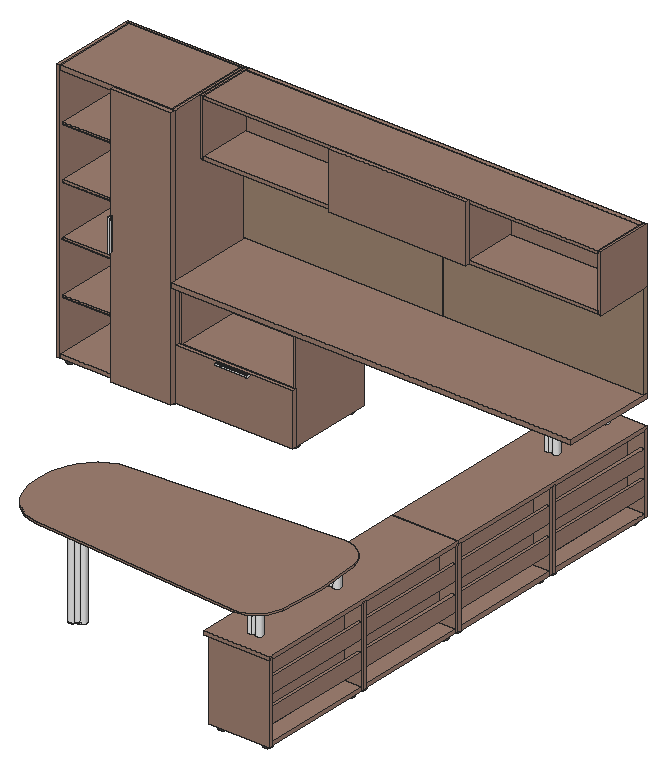
Revit family "T100087", category Furniture, Revit 2022
Family settings
  OmniClass Number = 23.40.20.00
  OmniClass Title = General Furniture and Specialties
  Work Plane-Based = No
  Always vertical = Yes
  Cut with Voids When Loaded = No
  Render Appearance Source = Family Geometry
  Shared = No
  Room Calculation Point = No
Parameters (values of type "APTOS007")
  Worksurface Height [instance] = 27"
  URL = "http://ofsbrands.com"
  Model = "APTOS007"
  Manufacturer = "OFS"
  Description = "OFS BRANDS OFS APTOS TYPICAL APTOS007"
  Default Elevation = 0"
  Copyright © = "© OFS BRANDS 2017"
  Catalog = "APTOS http://ofsbrands.com/products/casegoods/private-office/aptos"
  Authoring Version = "Autodesk Revit Architecture 2013"
  Assembly Code = "E2020200"
Reference planes (in)
  plane 1 "Center (Front/Back)": y = 0
  plane 2: z = 0
  plane 3 "Center (Left/Right)": x = 0
Dimensions and locks (in)
  aligned and locked: level to plane 2
Nested families (in)
  nested 1: "APTOS WALLMOUNT ORGANIZER WITH CENTERED LIFT-UP WOOD DOORS" at (11.58446, 0, 0), type "APTOS WALLMOUNT ORGANIZER WITH CENTERED LIFT-UP WOOD DOORS 102" Width"
  nested 2: "APTOS TWO PIECE TACKBOARD (Between Worksurface Height and Wallmount)" at (11.58446, 0, 0), type "APTOS TWO PIECE TACKBOARD 102" Between Worksurface Height and Wallmount"
  nested 3: "APTOS ELEVATED RUNOFF WORKSURFACE WEDGE SOLID SURFACE - WOOD TOP" at (25.52906, -125.99998, 0) x (-1, 0, 0) z (0, 0, 1), type "APTOS ELEVATED RUNOFF WORKSURFACE WEDGE SOLID SURFACE 72" x 36" - WOOD TOP"
    with Width 72", 34-7236WTEC yes, 34-6636WTEC no
  nested 4: "APTOS TRIFOIL COLUMN" at (-0.47094, -96.99998, 0), type "APTOS TRIFOIL COLUMN"
  nested 5: "APTOS LOW HEIGHT MODULAR CABINET TOP" at (62.58446, -30, 0) x (0, -1, 0) z (0, 0, 1), type "APTOS LOW HEIGHT MODULAR CABINET TOP 60""
    with Bottom Board Offset 21 1/4", Width 60"
  nested 6: "APTOS LOW HEIGHT MODULAR CABINET TOP" at (62.58446, -90, 0) x (0, -1, 0) z (0, 0, 1), type "APTOS LOW HEIGHT MODULAR CABINET TOP 60""
    with Bottom Board Offset 21 1/4", Width 60"
  nested 7: "APTOS LOW HEIGHT MODULAR PEDESTAL OPEN 18IN Depth" at (62.58446, -15, 0) x (0, -1, 0) z (0, 0, 1), type "APTOS LOW HEIGHT MODULAR PEDESTAL OPEN 30""
    with Width 30"
  nested 8: "APTOS LOW HEIGHT MODULAR PEDESTAL OPEN 18IN Depth" at (62.58446, -45, 0) x (0, -1, 0) z (0, 0, 1), type "APTOS LOW HEIGHT MODULAR PEDESTAL OPEN 30""
    with Width 30"
  nested 9: "APTOS LOW HEIGHT MODULAR PEDESTAL OPEN 18IN Depth" at (62.58446, -75, 0) x (0, -1, 0) z (0, 0, 1), type "APTOS LOW HEIGHT MODULAR PEDESTAL OPEN 30""
    with Width 30"
  nested 10: "APTOS LOW HEIGHT MODULAR PEDESTAL OPEN 18IN Depth" at (62.58446, -105, 0) x (0, -1, 0) z (0, 0, 1), type "APTOS LOW HEIGHT MODULAR PEDESTAL OPEN 30""
    with Width 30"
  nested 11: "APTOS MODULAR CABINET TOP" at (11.58446, 12, 0), type "APTOS MODULAR CABINET TOP 102" x 24""
    with Width 102"
  nested 12: "APTOS WORKSURFACE HEIGHT MODULAR PEDESTAL OPEN-FILE 30-36IN" at (-24.41554, 0, 0), type "APTOS WORKSURFACE HEIGHT MODULAR PEDESTAL OPEN-FILE 30W x 24D"
  nested 13: "APTOS TALL OPEN STORAGE WITH HINGED DOOR 24IN DEPTH" at (-54.41554, 0, 0), type "APTOS TALL OPEN STORAGE WITH HINGED DOOR 30" Wide 24" Planning Depth Single Hinged Door Right"
    with Width 30"
  nested 14: "APTOS DUFOIL STANDOFFS" at (51.84454, -89.625, 22.25) x (0, 1, 0) z (0, 0, 1), type "APTOS DUFOIL STANDOFFS"
  nested 15: "APTOS DUFOIL STANDOFFS" at (51.84454, -114.37496, 22.25) x (0, -1, 0) z (0, 0, 1), type "APTOS DUFOIL STANDOFFS"
  nested 16: "APTOS DUFOIL STANDOFFS" at (51.84454, -4.125, 22.25) x (0, 1, 0) z (0, 0, 1), type "APTOS DUFOIL STANDOFFS"
  nested 17: "APTOS DUFOIL STANDOFFS" at (51.84454, -19.875, 22.25) x (0, -1, 0) z (0, 0, 1), type "APTOS DUFOIL STANDOFFS"
Definition of nested family "APTOS WALLMOUNT ORGANIZER WITH CENTERED LIFT-UP WOOD DOORS"
  Parameters (values of type "APTOS WALLMOUNT ORGANIZER WITH CENTERED LIFT-UP WOOD DOORS 102" Width")
    Width = 102"
    URL = "http://ofsbrands.com"
    Total Height [instance] = 68 1/4"
    Middle Section Width = 34"
    Door Inset = 1"
    Door Gap = 1/8"
    Default Elevation = 0"
    Board Thick Door = 1"
    Depth = 15 5/8"
    Board Material = none
    Model = "34-10215WS1"
    Manufacturer = "OFS"
    Board Thick Internal = 3/4"
    Height = 14 1/2"
    Description = "OFS BRANDS OFS APTOS WALLMOUNT ORGANIZER WITH CENTERED LIFT-UP WOOD DOORS 102\" Width, One Lift-Up Door in Center Section, Open Sections on Both Sides"
    Copyright © = "© OFS BRANDS 2017"
    Catalog = "APTOS http://ofsbrands.com/products/casegoods/private-office/aptos"
    Bottom Board Offset = 53 3/4"
    Board Thick Top and Bot = 3/4"
    Board Thick Sides = 3/4"
    Board Thick Front = 3/4"
    Board Thick Back = 1 1/8"
    Authoring Version = "Autodesk Revit Architecture 2013"
    Assembly Code = "E2020200"
  Types (6): name | Width | Middle Section Width | Model | Description
    (no name) | 102" | 34" | "34-10215WS1" | "OFS BRANDS OFS APTOS WALLMOUNT ORGANIZER WITH CENTERED LIFT-UP WOOD DOORS 102\" Width, One Lift-Up Door in Center Section, Open Sections on Both Sides"
    APTOS WALLMOUNT ORGANIZER WITH CENTERED LIFT-UP WOOD DOORS 84" Width | 84" | 28" | "34-8415WS1" | "OFS BRANDS OFS APTOS WALLMOUNT ORGANIZER WITH CENTERED LIFT-UP WOOD DOORS 84\" Width, One Lift-Up Door in Center Section, Open Sections on Both Sides"
    APTOS WALLMOUNT ORGANIZER WITH CENTERED LIFT-UP WOOD DOORS 90" Width | 90" | 30" | "34-9015WS1" | "OFS BRANDS OFS APTOS WALLMOUNT ORGANIZER WITH CENTERED LIFT-UP WOOD DOORS 90\" Width, One Lift-Up Door in Center Section, Open Sections on Both Sides"
    APTOS WALLMOUNT ORGANIZER WITH CENTERED LIFT-UP WOOD DOORS 96" Width | 96" | 32" | "34-9615WS1" | "OFS BRANDS OFS APTOS WALLMOUNT ORGANIZER WITH CENTERED LIFT-UP WOOD DOORS 96\" Width, One Lift-Up Door in Center Section, Open Sections on Both Sides"
    APTOS WALLMOUNT ORGANIZER WITH CENTERED LIFT-UP WOOD DOORS 102" Width | 102" | 34" | "34-10215WS1" | "OFS BRANDS OFS APTOS WALLMOUNT ORGANIZER WITH CENTERED LIFT-UP WOOD DOORS 102\" Width, One Lift-Up Door in Center Section, Open Sections on Both Sides"
    APTOS WALLMOUNT ORGANIZER WITH CENTERED LIFT-UP WOOD DOORS 108" Width | 108" | 36" | "34-10815WS1" | "OFS BRANDS OFS APTOS WALLMOUNT ORGANIZER WITH CENTERED LIFT-UP WOOD DOORS 108\" Width, One Lift-Up Door in Center Section, Open Sections on Both Sides"
  Reference planes (in)
    plane 1 "Center Front/Back": y = 0
    plane 2: z = 0
    plane 3 "Center Left/Right": x = 0
    plane 4 "Left End": x = -51
    plane 5 "Front End": y = -14.625
    plane 6 "Right End": x = 51
    plane 7 "Back End": y = 0
    plane 8 "Height Top": z = 68.25
    plane 9: x = -50.25
    plane 10: x = 50.25
    plane 11: z = 67.5
    plane 12: z = 53.75
    plane 13: z = 54.5
    plane 14: y = -15.625
    plane 15: y = -1.125
    plane 16: y = -15.625
    plane 17: x = 47.75
    plane 18: x = -47.75
    plane 19: z = 61
    plane 20: x = 17
    plane 21: x = 16.625
    plane 22: x = 17.375
    plane 23: x = -17
    plane 24: x = -16.625
    plane 25: x = -17.375
    plane 26: x = -0.0625
    plane 27: x = 0.0625
  Forms (in)
    Extrusion 1, solid, material <- "Board Material"
      sketch origin (0, 0, 0) x (1, 0, 0) y (0, 1, 0)
        loop
          line (-51, 0) -> (-51, -14.625) -> (-50.25, -14.625) -> (-50.25, 0) -> (-51, 0)
      from 53.75 to 68.25
    Extrusion 2, solid, material <- "Board Material"
      sketch origin (0, 0, 0) x (-1, 0, 0) y (0, -1, 0)
        loop
          line (-51, 0) -> (-50.25, 0) -> (-50.25, 14.625) -> (-51, 14.625) -> (-51, 0)
      from 53.75 to 68.25
    Extrusion 3, solid, material <- "Board Material"
      sketch origin (0, 0, 0) x (1, 0, 0) y (0, 1, 0)
        loop
          line (-50.25, -1.125) -> (-50.25, -14.625) -> (50.25, -14.625) -> (50.25, -1.125) -> (-50.25, -1.125)
      from 53.75 to 54.5
    Extrusion 4, solid, material <- "Board Material"
      sketch origin (0, 0, 0) x (1, 0, 0) y (0, 1, 0)
        loop
          line (-50.25, -1.125) -> (-50.25, -14.625) -> (50.25, -14.625) -> (50.25, -1.125) -> (-50.25, -1.125)
      from 67.5 to 68.25
    Extrusion 5, solid, material <- "Board Material"
      sketch origin (0, 0, 0) x (1, 0, 0) y (0, 1, 0)
        loop
          line (17.375, -1.125) -> (16.625, -1.125) -> (16.625, -14.625) -> (17.375, -14.625) -> (17.375, -1.125)
      from 54.5 to 67.5
    Extrusion 6, solid, material <- "Board Material"
      sketch origin (0, 27.875, 0) x (1, 0, 0) y (0, 1, 0)
        loop
          line (-50.25, -27.875) -> (-50.25, -29) -> (50.25, -29) -> (50.25, -27.875) -> (-50.25, -27.875)
      from 53.75 to 68.25
    Extrusion 7, solid, material <- "Board Material"
      sketch origin (0, 0, 0) x (1, 0, 0) y (0, 1, 0)
        loop
          line (17.375, -14.625) -> (-17.375, -14.625) -> (-17.375, -15.625) -> (17.375, -15.625) -> (17.375, -14.625)
      from 53.75 to 68.25
    Extrusion 8, solid, material <- "Board Material"
      sketch origin (-35.5, 0, 0) x (1, 0, 0) y (0, 1, 0)
        loop
          line (18.875, -1.125) -> (18.125, -1.125) -> (18.125, -14.625) -> (18.875, -14.625) -> (18.875, -1.125)
      from 54.5 to 67.5
  Dimensions and locks (in)
    equal spacing: plane 4 "Left End", plane 3 "Center Left/Right", plane 6 "Right End"
    "Width": plane 4 "Left End" to plane 6 "Right End"
    "Height": plane 8 "Height Top" to plane 12
    "Board Thick Sides": plane 4 "Left End" to plane 9
    "Board Thick Sides": plane 10 to plane 6 "Right End"
    "Board Thick Top and Bot": plane 8 "Height Top" to plane 11
    "Board Thick Top and Bot": plane 13 to plane 12
    "Bottom Board Offset": plane 12 to level
    "Board Thick Back": plane 15 to plane 1 "Center Front/Back"
    "Depth": plane 14 to plane 1 "Center Front/Back"
    "Total Height": plane 8 "Height Top" to level
    "Door Inset": plane 5 "Front End" to plane 14
    "Board Thick Door": plane 5 "Front End" to plane 16
    locked: plane 17 to plane 10 at 2.5
    locked: plane 9 to plane 18 at 2.5
    equal spacing: plane 8 "Height Top", plane 19, plane 12
    equal spacing: plane 21, plane 20, plane 22
    "Board Thick Internal": plane 21 to plane 22
    equal spacing: plane 24, plane 23, plane 25
    "Board Thick Internal": plane 24 to plane 25
    equal spacing: plane 23, plane 3 "Center Left/Right", plane 20
    "Middle Section Width": plane 23 to plane 20
    equal spacing: plane 26, plane 3 "Center Left/Right", plane 27
    "Door Gap": plane 26 to plane 27
    aligned and locked: level to plane 2
    aligned and locked: plane 4 "Left End" to Extrusion 1 sketch curve
    aligned and locked: Extrusion 1 sketch curve to plane 9
    aligned and locked: plane 10 to Extrusion 2
    aligned and locked: Extrusion 2 to plane 6 "Right End"
    aligned and locked: plane 12 to Extrusion 2
    aligned and locked: plane 10 to Extrusion 3 sketch curve
    aligned and locked: plane 9 to Extrusion 3 sketch curve
    aligned and locked: Extrusion 5 to plane 5 "Front End"
    aligned and locked: Extrusion 3 to plane 13
    aligned and locked: Extrusion 3 to plane 12
    aligned and locked: plane 13 to Extrusion 5
    aligned and locked: Extrusion 5 to plane 11
    aligned and locked: Extrusion 4 to plane 8 "Height Top"
    aligned and locked: Extrusion 4 to plane 11
    aligned and locked: Extrusion 6 to plane 15
    aligned and locked: Extrusion 6 to plane 1 "Center Front/Back"
    aligned and locked: Extrusion 2 to plane 1 "Center Front/Back"
    aligned and locked: Extrusion 5 to plane 15
    aligned and locked: Extrusion 2 to plane 8 "Height Top"
    aligned and locked: Extrusion 4 to plane 9
    aligned and locked: Extrusion 4 to plane 10
    aligned and locked: plane 8 "Height Top" to Extrusion 1
    aligned and locked: Extrusion 1 to plane 12
    aligned and locked: Extrusion 6 to plane 9
    aligned and locked: Extrusion 6 to plane 10
    aligned and locked: Extrusion 7 to plane 16
    aligned and locked: plane 8 "Height Top" to Extrusion 6
    aligned and locked: Extrusion 6 to plane 12
    aligned and locked: plane 15 to Extrusion 3
    aligned and locked: plane 15 to Extrusion 4
    aligned and locked: Extrusion 5 to plane 21
    aligned and locked: plane 22 to Extrusion 5
    aligned and locked: plane 24 to Extrusion 8
    aligned and locked: Extrusion 8 to plane 25
    aligned and locked: Extrusion 8 to plane 13
    aligned and locked: Extrusion 8 to Extrusion 4
    aligned and locked: Extrusion 3 to Extrusion 8
    aligned and locked: Extrusion 8 to plane 5 "Front End"
    aligned and locked: Extrusion 7 to Extrusion 5
    aligned and locked: Extrusion 8 to Extrusion 7
    aligned and locked: Extrusion 4 to plane 5 "Front End"
    aligned and locked: Extrusion 3 to plane 5 "Front End"
    aligned and locked: Extrusion 1 to plane 5 "Front End"
    aligned and locked: plane 5 "Front End" to Extrusion 2
    aligned and locked: Extrusion 7 to plane 12
    aligned and locked: plane 8 "Height Top" to Extrusion 7
  Automatic sketch dimensions
    Extrusion 1 sketch curve to plane 14 = 1"
    plane 1 "Center Front/Back" to Extrusion 1 sketch curve = 0"
    Extrusion 2 sketch curve to plane 6 "Right End" = 0"
    Extrusion 2 sketch curve to plane 10 = 0"
    plane 14 to Extrusion 2 sketch curve = 1"
    plane 1 "Center Front/Back" to Extrusion 2 sketch curve = 0"
    Extrusion 3 sketch curve to plane 14 = 1"
    Extrusion 3 sketch curve to plane 15 = 0"
    Extrusion 4 sketch curve to plane 9 = 0"
    Extrusion 4 sketch curve to plane 10 = 0"
    Extrusion 4 sketch curve to plane 14 = 1"
    Extrusion 4 sketch curve to plane 15 = 0"
    Extrusion 5 sketch curve to plane 5 "Front End" = 0"
    Extrusion 5 sketch curve to plane 22 = 0"
    Extrusion 5 sketch curve to plane 21 = 0"
    plane 15 to Extrusion 5 sketch curve = 0"
    Extrusion 6 sketch curve to plane 9 = 0"
    Extrusion 6 sketch curve to plane 10 = 0"
    Extrusion 6 sketch curve to plane 15 = 0"
    plane 1 "Center Front/Back" to Extrusion 6 sketch curve = 0"
    Extrusion 7 sketch curve to plane 5 "Front End" = 0"
    Extrusion 7 sketch curve to plane 16 = 0"
    plane 10 to Extrusion 7 sketch curve = 32 7/8"
    Extrusion 7 sketch curve to plane 3 "Center Left/Right" = 17 3/8"
    Extrusion 8 sketch curve to plane 5 "Front End" = 0"
    Extrusion 8 sketch curve to plane 24 = 0"
    Extrusion 8 sketch curve to plane 25 = 0"
    Extrusion 8 sketch curve to plane 15 = 0"
Definition of nested family "APTOS TWO PIECE TACKBOARD (Between Worksurface Height and Wallmount)"
  Parameters
    Width = 102"
    URL = "http://ofsbrands.com"
    Depth = 1"
    Tackboard Material = none
    Model = "FTW2002"
    Manufacturer = "OFS"
    Height = 24"
    Description = "OFS BRANDS OFS APTOS TWO PIECE TACKBOARD 102\" WIDTH, Use where a 102\" Overhead or Wall Shelf is Between Worksurface Height and Wallmount"
    Default Elevation = 0"
    Copyright © = "© OFS BRANDS 2017"
    Catalog = "APTOS http://ofsbrands.com/products/casegoods/private-office/aptos"
    Bottom Board Offset = 29 3/4"
    Authoring Version = "Autodesk Revit Architecture 2013"
    Assembly Code = "E2020200"
  Reference planes (in)
    plane 1 "Center Front/Back": y = 0
    plane 2: z = 0
    plane 3 "Center Left/Right": x = 0
    plane 4 "Left End": x = -51
    plane 5 "Front End": y = -1
    plane 6 "Right End": x = 51
    plane 7 "Height Top": z = 53.75
    plane 8: z = 29.75
  Forms (in)
    Extrusion 1, solid, material <- "Tackboard Material"
      sketch origin (0, 0, 0) x (1, 0, 0) y (0, 0, 1)
        loop
          line (-51, 53.75) -> (-51, 29.75) -> (0, 29.75) -> (0, 53.75) -> (-51, 53.75)
      from 0 to 1
    Extrusion 2, solid, material <- "Tackboard Material"
      sketch origin (0, 0, 0) x (-1, 0, 0) y (0, 0, -1)
        loop
          line (-51, -53.75) -> (0, -53.75) -> (0, -29.75) -> (-51, -29.75) -> (-51, -53.75)
      from 0 to 1
  Dimensions and locks (in)
    "Height": plane 7 "Height Top" to plane 8
    "Bottom Board Offset": plane 8 to level
    "Depth": plane 5 "Front End" to plane 1 "Center Front/Back"
    equal spacing: plane 4 "Left End", plane 3 "Center Left/Right", plane 6 "Right End"
    "Width": plane 4 "Left End" to plane 6 "Right End"
    aligned and locked: level to plane 2
    aligned and locked: Extrusion 1 sketch curve to plane 7 "Height Top"
    aligned and locked: plane 4 "Left End" to Extrusion 1 sketch curve
    aligned and locked: plane 8 to Extrusion 1 sketch curve
    aligned and locked: plane 3 "Center Left/Right" to Extrusion 1
    aligned and locked: Extrusion 1 to plane 5 "Front End"
    aligned and locked: Extrusion 1 to plane 1 "Center Front/Back"
    aligned and locked: plane 7 "Height Top" to Extrusion 1
    aligned and locked: Extrusion 1 to plane 8
    aligned and locked: Extrusion 2 to plane 3 "Center Left/Right"
    aligned and locked: Extrusion 2 to plane 7 "Height Top"
    aligned and locked: Extrusion 2 to plane 6 "Right End"
    aligned and locked: Extrusion 2 to plane 8
    aligned and locked: Extrusion 2 to plane 5 "Front End"
    aligned and locked: Extrusion 2 to plane 1 "Center Front/Back"
  Automatic sketch dimensions
    Extrusion 1 sketch curve to plane 3 "Center Left/Right" = 0"
    plane 6 "Right End" to Extrusion 2 sketch curve = 0"
    Extrusion 2 sketch curve to plane 3 "Center Left/Right" = 0"
    Extrusion 2 sketch curve to plane 8 = 0"
    Extrusion 2 sketch curve to plane 7 "Height Top" = 0"
Definition of nested family "APTOS ELEVATED RUNOFF WORKSURFACE WEDGE SOLID SURFACE - WOOD TOP"
  Parameters
    Width = 66"
    URL = "http://ofsbrands.com"
    Table Material = none
    Depth = 36"
    Model = "34-6636WTE"
    Manufacturer = "OFS"
    Height = 1 1/8"
    Description = "OFS BRANDS OFS APTOS ELEVATED RUNOFF WORKSURFACE WEDGE SOLID SURFACE 66\" Width x 36\" Depth - WOOD TOP, 1.1875\" thick Solid Surface Worksurface"
    Default Elevation = 0"
    Copyright © = "© OFS BRANDS 2017"
    Catalog = "APTOS http://ofsbrands.com/products/casegoods/private-office/aptos"
    Bottom Board Offset = 28 3/8"
    Authoring Version = "Autodesk Revit Architecture 2013"
    Assembly Code = "E2020200"
    34-7842WTEC = no
    34-7242WTEC = no
    34-7236WTEC = no
    34-6642WTEC = no
    34-6636WTEC = yes
  Reference planes (in)
    plane 1 "Back End": y = -6
    plane 2: z = 0
    plane 3 "Center Left/Right": x = 0
    plane 4 "Left End": x = -33
    plane 5 "Front End": y = -42
    plane 6 "Right End": x = 33
    plane 7 "Height Top": z = 29.5
    plane 8: z = 28.375
    plane 9 "Center Front/Back": y = -24
  Forms (in)
    Extrusion 1, solid, material <- "Table Material", visible <- "34-7842WTEC"
      sketch origin (0, 0, 0) x (1, 0, 0) y (0, 1, 0)
        loop
          arc (-30.13754, -2.99992) -> (-35.45804, -4.98433) -> (-38.12133, -9.99956) r 8
          arc (-38.12133, -9.99956) -> (-39, -24) -> (-38.12133, -38.00044) r 111.97836
          arc (-38.12133, -38.00044) -> (-35.45804, -43.01567) -> (-30.13754, -45.00008) r 8
          arc (-30.13754, -45.00008) -> (-1.01631, -44.04076) -> (28.01014, -41.50461) r 537.43618
          arc (28.01014, -41.50461) -> (35.06839, -38.12659) -> (38.54366, -31.11571) r 12
          arc (38.54366, -31.11571) -> (39, -24) -> (38.54366, -16.88429) r 55.70594
          arc (38.54366, -16.88429) -> (35.06839, -9.87341) -> (28.01014, -6.49539) r 12
          arc (28.01014, -6.49539) -> (-1.01631, -3.95924) -> (-30.13754, -2.99992) r 537.43618
      from 28.375 to 29.5
    Sweep 2, void
      path in 3D
        loop
          arc (-38.12133, -9.99956, 29.5) -> (-35.45804, -4.98433, 29.5) -> (-30.13754, -2.99992, 29.5) r 8
          arc (-30.13754, -2.99992, 29.5) -> (-1.01631, -3.95924, 29.5) -> (28.01014, -6.49539, 29.5) r 537.43618
          arc (28.01014, -6.49539, 29.5) -> (35.06839, -9.87341, 29.5) -> (38.54366, -16.88429, 29.5) r 12
          arc (38.54366, -16.88429, 29.5) -> (39, -24, 29.5) -> (38.54366, -31.11571, 29.5) r 55.70594
          arc (38.54366, -31.11571, 29.5) -> (35.06839, -38.12659, 29.5) -> (28.01014, -41.50461, 29.5) r 12
          arc (28.01014, -41.50461, 29.5) -> (-1.01631, -44.04076, 29.5) -> (-30.13754, -45.00008, 29.5) r 537.43618
          arc (-30.13754, -45.00008, 29.5) -> (-35.45804, -43.01567, 29.5) -> (-38.12133, -38.00044, 29.5) r 8
          arc (-38.12133, -38.00044, 29.5) -> (-39, -24, 29.5) -> (-38.12133, -9.99956, 29.5) r 111.97836
      profile origin (-39, -24, 29.5) x (-1, 0, 0) y (0, 0, 1)
        loop
          line (0, -1.125) -> (0, -0.39706) -> (-2, -1.125) -> (0, -1.125)
    Extrusion 3, solid, material <- "Table Material", visible <- "34-7842WTEC", not visible
      sketch origin (0, 0, 0) x (1, 0, 0) y (0, 1, 0)
        loop
          arc (-30.13754, -2.99992) -> (-35.45804, -4.98433) -> (-38.12133, -9.99956) r 8
          arc (-38.12133, -9.99956) -> (-39, -24) -> (-38.12133, -38.00044) r 111.97836
          arc (-38.12133, -38.00044) -> (-35.45804, -43.01567) -> (-30.13754, -45.00008) r 8
          arc (-30.13754, -45.00008) -> (-1.01631, -44.04076) -> (28.01014, -41.50461) r 537.43618
          arc (28.01014, -41.50461) -> (35.06839, -38.12659) -> (38.54366, -31.11571) r 12
          arc (38.54366, -31.11571) -> (39, -24) -> (38.54366, -16.88429) r 55.70594
          arc (38.54366, -16.88429) -> (35.06839, -9.87341) -> (28.01014, -6.49539) r 12
          arc (28.01014, -6.49539) -> (-1.01631, -3.95924) -> (-30.13754, -2.99992) r 537.43618
      from 28.375 to 29.5
    Extrusion 4, solid, material <- "Table Material", visible <- "34-7242WTEC"
      sketch origin (0, 0, 0) x (1, 0, 0) y (0, 1, 0)
        loop
          arc (-35.12133, -9.99955) -> (-36, -24) -> (-35.12133, -38.00045) r 111.97836
          arc (-35.12133, -38.00045) -> (-32.45598, -43.01747) -> (-27.13208, -45.00006) r 8
          arc (-27.13208, -45.00006) -> (-0.92934, -44.03658) -> (25.16721, -41.49057) r 433.4597
          arc (25.16721, -41.49057) -> (32.12361, -38.07623) -> (35.54282, -31.12222) r 12
          arc (35.54282, -31.12222) -> (36, -24) -> (35.54282, -16.87778) r 55.70594
          arc (35.54282, -16.87778) -> (32.12361, -9.92377) -> (25.16721, -6.50943) r 12
          arc (25.16721, -6.50943) -> (-0.92934, -3.96342) -> (-27.13208, -2.99994) r 433.4597
          arc (-27.13208, -2.99994) -> (-32.45598, -4.98253) -> (-35.12133, -9.99955) r 8
      from 28.375 to 29.5
    Sweep 5, void
      path in 3D
        loop
          arc (-35.12133, -9.99955, 29.5) -> (-32.45598, -4.98253, 29.5) -> (-27.13208, -2.99994, 29.5) r 8
          arc (-27.13208, -2.99994, 29.5) -> (-0.92934, -3.96342, 29.5) -> (25.16721, -6.50943, 29.5) r 433.4597
          arc (25.16721, -6.50943, 29.5) -> (32.12361, -9.92377, 29.5) -> (35.54282, -16.87778, 29.5) r 12
          arc (35.54282, -16.87778, 29.5) -> (36, -24, 29.5) -> (35.54282, -31.12222, 29.5) r 55.70594
          arc (35.54282, -31.12222, 29.5) -> (32.12361, -38.07623, 29.5) -> (25.16721, -41.49057, 29.5) r 12
          arc (25.16721, -41.49057, 29.5) -> (-0.92934, -44.03658, 29.5) -> (-27.13208, -45.00006, 29.5) r 433.4597
          arc (-27.13208, -45.00006, 29.5) -> (-32.45598, -43.01747, 29.5) -> (-35.12133, -38.00045, 29.5) r 8
          arc (-35.12133, -38.00045, 29.5) -> (-36, -24, 29.5) -> (-35.12133, -9.99955, 29.5) r 111.97836
      profile origin (-36, -24, 29.5) x (-1, 0, 0) y (0, 0, 1)
        loop
          line (0, -1.125) -> (0, -0.39706) -> (-2, -1.125) -> (0, -1.125)
    Extrusion 6, solid, material <- "Table Material", visible <- "34-7242WTEC", not visible
      sketch origin (0, 0, 0) x (1, 0, 0) y (0, 1, 0)
        loop
          arc (-35.12133, -9.99955) -> (-36, -24) -> (-35.12133, -38.00045) r 111.97836
          arc (-35.12133, -38.00045) -> (-32.45598, -43.01747) -> (-27.13208, -45.00006) r 8
          arc (-27.13208, -45.00006) -> (-0.92934, -44.03658) -> (25.16721, -41.49057) r 433.4597
          arc (25.16721, -41.49057) -> (32.12361, -38.07623) -> (35.54282, -31.12222) r 12
          arc (35.54282, -31.12222) -> (36, -24) -> (35.54282, -16.87778) r 55.70594
          arc (35.54282, -16.87778) -> (32.12361, -9.92377) -> (25.16721, -6.50943) r 12
          arc (25.16721, -6.50943) -> (-0.92934, -3.96342) -> (-27.13208, -2.99994) r 433.4597
          arc (-27.13208, -2.99994) -> (-32.45598, -4.98253) -> (-35.12133, -9.99955) r 8
      from 28.375 to 29.5
    Extrusion 7, solid, material <- "Table Material", visible <- "34-7236WTEC"
      sketch origin (0, 0, 0) x (1, 0, 0) y (0, 1, 0)
        loop
          arc (-27.12648, -5.99998) -> (-32.33349, -7.88203) -> (-35.07139, -12.69442) r 8
          arc (-35.07139, -12.69442) -> (-36, -24) -> (-35.07139, -35.30558) r 69.28541
          arc (-35.07139, -35.30558) -> (-32.33349, -40.11797) -> (-27.12648, -42.00002) r 8
          arc (-27.12648, -42.00002) -> (-1.00869, -41.0419) -> (25.00389, -38.51147) r 433.4597
          arc (25.00389, -38.51147) -> (30.77434, -36.13874) -> (34.57357, -31.18961) r 12
          arc (34.57357, -31.18961) -> (36, -24) -> (34.57357, -16.81039) r 18.83203
          arc (34.57357, -16.81039) -> (30.77434, -11.86126) -> (25.00389, -9.48853) r 12
          arc (25.00389, -9.48853) -> (-1.00869, -6.9581) -> (-27.12648, -5.99998) r 433.4597
      from 28.375 to 29.5
    Sweep 8, void
      path in 3D
        loop
          arc (-35.07139, -12.69442, 29.5) -> (-32.33349, -7.88203, 29.5) -> (-27.12648, -5.99998, 29.5) r 8
          arc (-27.12648, -5.99998, 29.5) -> (-1.00869, -6.9581, 29.5) -> (25.00389, -9.48853, 29.5) r 433.4597
          arc (25.00389, -9.48853, 29.5) -> (30.77434, -11.86126, 29.5) -> (34.57357, -16.81039, 29.5) r 12
          arc (34.57357, -16.81039, 29.5) -> (36, -24, 29.5) -> (34.57357, -31.18961, 29.5) r 18.83203
          arc (34.57357, -31.18961, 29.5) -> (30.77434, -36.13874, 29.5) -> (25.00389, -38.51147, 29.5) r 12
          arc (25.00389, -38.51147, 29.5) -> (-1.00869, -41.0419, 29.5) -> (-27.12648, -42.00002, 29.5) r 433.4597
          arc (-27.12648, -42.00002, 29.5) -> (-32.33349, -40.11797, 29.5) -> (-35.07139, -35.30558, 29.5) r 8
          arc (-35.07139, -35.30558, 29.5) -> (-36, -24, 29.5) -> (-35.07139, -12.69442, 29.5) r 69.28541
      profile origin (-36, -24, 29.5) x (-1, 0, 0) y (0, 0, 1)
        loop
          line (0, -1.125) -> (0, -0.39706) -> (-2, -1.125) -> (0, -1.125)
    Extrusion 9, solid, material <- "Table Material", visible <- "34-7236WTEC", not visible
      sketch origin (0, 0, 0) x (1, 0, 0) y (0, 1, 0)
        loop
          arc (-27.12648, -5.99998) -> (-32.33349, -7.88203) -> (-35.07139, -12.69442) r 8
          arc (-35.07139, -12.69442) -> (-36, -24) -> (-35.07139, -35.30558) r 69.28541
          arc (-35.07139, -35.30558) -> (-32.33349, -40.11797) -> (-27.12648, -42.00002) r 8
          arc (-27.12648, -42.00002) -> (-1.00869, -41.0419) -> (25.00389, -38.51147) r 433.4597
          arc (25.00389, -38.51147) -> (30.77434, -36.13874) -> (34.57357, -31.18961) r 12
          arc (34.57357, -31.18961) -> (36, -24) -> (34.57357, -16.81039) r 18.83203
          arc (34.57357, -16.81039) -> (30.77434, -11.86126) -> (25.00389, -9.48853) r 12
          arc (25.00389, -9.48853) -> (-1.00869, -6.9581) -> (-27.12648, -5.99998) r 433.4597
      from 28.375 to 29.5
    Extrusion 10, solid, material <- "Table Material", visible <- "34-6642WTEC"
      sketch origin (0, 0, 0) x (1, 0, 0) y (0, 1, 0)
        loop
          arc (-24.12481, -2.99953) -> (-29.4532, -4.97968) -> (-32.12126, -9.99905) r 8
          arc (-32.12126, -9.99905) -> (-33, -24) -> (-32.12126, -38.00095) r 111.97836
          arc (-32.12126, -38.00095) -> (-29.4532, -43.02032) -> (-24.12481, -45.00047) r 8
          arc (-24.12481, -45.00047) -> (-0.81853, -44.02958) -> (22.36674, -41.46666) r 340.79932
          arc (22.36674, -41.46666) -> (29.19392, -38.00838) -> (32.54226, -31.12662) r 12
          arc (32.54226, -31.12662) -> (33, -24) -> (32.54226, -16.87338) r 55.70594
          arc (32.54226, -16.87338) -> (29.19392, -9.99162) -> (22.36674, -6.53334) r 12
          arc (22.36674, -6.53334) -> (-0.81853, -3.97042) -> (-24.12481, -2.99953) r 340.79932
      from 28.375 to 29.5
    Sweep 11, void
      path in 3D
        loop
          arc (-32.12126, -9.99905, 29.5) -> (-29.4532, -4.97968, 29.5) -> (-24.12481, -2.99953, 29.5) r 8
          arc (-24.12481, -2.99953, 29.5) -> (-0.81853, -3.97042, 29.5) -> (22.36674, -6.53334, 29.5) r 340.79932
          arc (22.36674, -6.53334, 29.5) -> (29.19392, -9.99162, 29.5) -> (32.54226, -16.87338, 29.5) r 12
          arc (32.54226, -16.87338, 29.5) -> (33, -24, 29.5) -> (32.54226, -31.12662, 29.5) r 55.70594
          arc (32.54226, -31.12662, 29.5) -> (29.19392, -38.00838, 29.5) -> (22.36674, -41.46666, 29.5) r 12
          arc (22.36674, -41.46666, 29.5) -> (-0.81853, -44.02958, 29.5) -> (-24.12481, -45.00047, 29.5) r 340.79932
          arc (-24.12481, -45.00047, 29.5) -> (-29.4532, -43.02032, 29.5) -> (-32.12126, -38.00095, 29.5) r 8
          arc (-32.12126, -38.00095, 29.5) -> (-33, -24, 29.5) -> (-32.12126, -9.99905, 29.5) r 111.97836
      profile origin (-33, -24, 29.5) x (-1, 0, 0) y (0, 0, 1)
        loop
          line (0, -1.125) -> (0, -0.39706) -> (-2, -1.125) -> (0, -1.125)
    Extrusion 12, solid, material <- "Table Material", visible <- "34-6642WTEC", not visible
      sketch origin (0, 0, 0) x (1, 0, 0) y (0, 1, 0)
        loop
          arc (-24.12481, -2.99953) -> (-29.4532, -4.97968) -> (-32.12126, -9.99905) r 8
          arc (-32.12126, -9.99905) -> (-33, -24) -> (-32.12126, -38.00095) r 111.97836
          arc (-32.12126, -38.00095) -> (-29.4532, -43.02032) -> (-24.12481, -45.00047) r 8
          arc (-24.12481, -45.00047) -> (-0.81853, -44.02958) -> (22.36674, -41.46666) r 340.79932
          arc (22.36674, -41.46666) -> (29.19392, -38.00838) -> (32.54226, -31.12662) r 12
          arc (32.54226, -31.12662) -> (33, -24) -> (32.54226, -16.87338) r 55.70594
          arc (32.54226, -16.87338) -> (29.19392, -9.99162) -> (22.36674, -6.53334) r 12
          arc (22.36674, -6.53334) -> (-0.81853, -3.97042) -> (-24.12481, -2.99953) r 340.79932
      from 28.375 to 29.5
    Extrusion 13, solid, material <- "Table Material", visible <- "34-6636WTEC"
      sketch origin (0, 0, 0) x (1, 0, 0) y (0, 1, 0)
        loop
          arc (-24.11948, -6.00003) -> (-29.33082, -7.87978) -> (-32.07139, -12.69442) r 8
          arc (-32.07139, -12.69442) -> (-33, -24) -> (-32.07139, -35.30558) r 69.28541
          arc (-32.07139, -35.30558) -> (-29.33082, -40.12022) -> (-24.11948, -41.99997) r 8
          arc (-24.11948, -41.99997) -> (-0.8999, -41.03574) -> (22.19993, -38.49087) r 340.70548
          arc (22.19993, -38.49087) -> (27.84618, -36.08774) -> (31.56617, -31.20749) r 12
          arc (31.56617, -31.20749) -> (33, -24) -> (31.56617, -16.79251) r 18.83203
          arc (31.56617, -16.79251) -> (27.84618, -11.91226) -> (22.19993, -9.50913) r 12
          arc (22.19993, -9.50913) -> (-0.8999, -6.96426) -> (-24.11948, -6.00003) r 340.70548
      from 28.375 to 29.5
    Sweep 14, void
      path in 3D
        loop
          arc (-32.07139, -12.69442, 29.5) -> (-29.33082, -7.87978, 29.5) -> (-24.11948, -6.00003, 29.5) r 8
          arc (-24.11948, -6.00003, 29.5) -> (-0.8999, -6.96426, 29.5) -> (22.19993, -9.50913, 29.5) r 340.70548
          arc (22.19993, -9.50913, 29.5) -> (27.84618, -11.91226, 29.5) -> (31.56617, -16.79251, 29.5) r 12
          arc (31.56617, -16.79251, 29.5) -> (33, -24, 29.5) -> (31.56617, -31.20749, 29.5) r 18.83203
          arc (31.56617, -31.20749, 29.5) -> (27.84618, -36.08774, 29.5) -> (22.19993, -38.49087, 29.5) r 12
          arc (22.19993, -38.49087, 29.5) -> (-0.8999, -41.03574, 29.5) -> (-24.11948, -41.99997, 29.5) r 340.70548
          arc (-24.11948, -41.99997, 29.5) -> (-29.33082, -40.12022, 29.5) -> (-32.07139, -35.30558, 29.5) r 8
          arc (-32.07139, -35.30558, 29.5) -> (-33, -24, 29.5) -> (-32.07139, -12.69442, 29.5) r 69.28541
      profile origin (-33, -24, 29.5) x (-1, 0, 0) y (0, 0, 1)
        loop
          line (0, -1.125) -> (0, -0.39706) -> (-2, -1.125) -> (0, -1.125)
    Extrusion 15, solid, material <- "Table Material", visible <- "34-6636WTEC", not visible
      sketch origin (0, 0, 0) x (1, 0, 0) y (0, 1, 0)
        loop
          arc (-24.11948, -6.00003) -> (-29.33082, -7.87978) -> (-32.07139, -12.69442) r 8
          arc (-32.07139, -12.69442) -> (-33, -24) -> (-32.07139, -35.30558) r 69.28541
          arc (-32.07139, -35.30558) -> (-29.33082, -40.12022) -> (-24.11948, -41.99997) r 8
          arc (-24.11948, -41.99997) -> (-0.8999, -41.03574) -> (22.19993, -38.49087) r 340.70548
          arc (22.19993, -38.49087) -> (27.84618, -36.08774) -> (31.56617, -31.20749) r 12
          arc (31.56617, -31.20749) -> (33, -24) -> (31.56617, -16.79251) r 18.83203
          arc (31.56617, -16.79251) -> (27.84618, -11.91226) -> (22.19993, -9.50913) r 12
          arc (22.19993, -9.50913) -> (-0.8999, -6.96426) -> (-24.11948, -6.00003) r 340.70548
      from 28.375 to 29.5
  Cuts and joins
    Sweep 2 cuts Extrusion 1
    Sweep 5 cuts Extrusion 4
    Sweep 8 cuts Extrusion 7
    Sweep 11 cuts Extrusion 10
    Sweep 14 cuts Extrusion 13
  Lines and regions (in)
    sketch lines
      curve 1: arc (-38.12133, -38.00044, 29.5) -> (-39, -24, 29.5) -> (-38.12133, -9.99956, 29.5) r 111.97836
      curve 2: arc (-38.12133, -9.99956, 29.5) -> (-35.45804, -4.98433, 29.5) -> (-30.13754, -2.99992, 29.5) r 8
      curve 3: arc (-30.13754, -2.99992, 29.5) -> (-1.01631, -3.95924, 29.5) -> (28.01014, -6.49539, 29.5) r 537.43618
      curve 4: arc (-30.13754, -45.00008, 29.5) -> (-35.45804, -43.01567, 29.5) -> (-38.12133, -38.00044, 29.5) r 8
      curve 5: arc (28.01014, -41.50461, 29.5) -> (-1.01631, -44.04076, 29.5) -> (-30.13754, -45.00008, 29.5) r 537.43618
      curve 6: arc (38.54366, -31.11571, 29.5) -> (35.06839, -38.12659, 29.5) -> (28.01014, -41.50461, 29.5) r 12
      curve 7: arc (38.54366, -16.88429, 29.5) -> (39, -24, 29.5) -> (38.54366, -31.11571, 29.5) r 55.70594
      curve 8: arc (28.01014, -6.49539, 29.5) -> (35.06839, -9.87341, 29.5) -> (38.54366, -16.88429, 29.5) r 12
      curve 9: arc (-35.12133, -38.00045, 29.5) -> (-36, -24, 29.5) -> (-35.12133, -9.99955, 29.5) r 111.97836
      curve 10: arc (-27.13208, -45.00006, 29.5) -> (-32.45598, -43.01747, 29.5) -> (-35.12133, -38.00045, 29.5) r 8
      curve 11: arc (25.16721, -41.49057, 29.5) -> (-0.92934, -44.03658, 29.5) -> (-27.13208, -45.00006, 29.5) r 433.4597
      curve 12: arc (-35.12133, -9.99955, 29.5) -> (-32.45598, -4.98253, 29.5) -> (-27.13208, -2.99994, 29.5) r 8
      curve 13: arc (-27.13208, -2.99994, 29.5) -> (-0.92934, -3.96342, 29.5) -> (25.16721, -6.50943, 29.5) r 433.4597
      curve 14: arc (25.16721, -6.50943, 29.5) -> (32.12361, -9.92377, 29.5) -> (35.54282, -16.87778, 29.5) r 12
      curve 15: arc (35.54282, -16.87778, 29.5) -> (36, -24, 29.5) -> (35.54282, -31.12222, 29.5) r 55.70594
      curve 16: arc (35.54282, -31.12222, 29.5) -> (32.12361, -38.07623, 29.5) -> (25.16721, -41.49057, 29.5) r 12
      curve 17: arc (-35.07139, -35.30558, 29.5) -> (-36, -24, 29.5) -> (-35.07139, -12.69442, 29.5) r 69.28541
      curve 18: arc (-27.12648, -42.00002, 29.5) -> (-32.33349, -40.11797, 29.5) -> (-35.07139, -35.30558, 29.5) r 8
      curve 19: arc (25.00389, -38.51147, 29.5) -> (-1.00869, -41.0419, 29.5) -> (-27.12648, -42.00002, 29.5) r 433.4597
      curve 20: arc (-35.07139, -12.69442, 29.5) -> (-32.33349, -7.88203, 29.5) -> (-27.12648, -5.99998, 29.5) r 8
      curve 21: arc (-27.12648, -5.99998, 29.5) -> (-1.00869, -6.9581, 29.5) -> (25.00389, -9.48853, 29.5) r 433.4597
      curve 22: arc (25.00389, -9.48853, 29.5) -> (30.77434, -11.86126, 29.5) -> (34.57357, -16.81039, 29.5) r 12
      curve 23: arc (34.57357, -16.81039, 29.5) -> (36, -24, 29.5) -> (34.57357, -31.18961, 29.5) r 18.83203
      curve 24: arc (34.57357, -31.18961, 29.5) -> (30.77434, -36.13874, 29.5) -> (25.00389, -38.51147, 29.5) r 12
      curve 25: arc (-32.12126, -38.00095, 29.5) -> (-33, -24, 29.5) -> (-32.12126, -9.99905, 29.5) r 111.97836
      curve 26: arc (-32.12126, -9.99905, 29.5) -> (-29.4532, -4.97968, 29.5) -> (-24.12481, -2.99953, 29.5) r 8
      curve 27: arc (-24.12481, -45.00047, 29.5) -> (-29.4532, -43.02032, 29.5) -> (-32.12126, -38.00095, 29.5) r 8
      curve 28: arc (22.36674, -41.46666, 29.5) -> (-0.81853, -44.02958, 29.5) -> (-24.12481, -45.00047, 29.5) r 340.79932
      curve 29: arc (-24.12481, -2.99953, 29.5) -> (-0.81853, -3.97042, 29.5) -> (22.36674, -6.53334, 29.5) r 340.79932
      curve 30: arc (22.36674, -6.53334, 29.5) -> (29.19392, -9.99162, 29.5) -> (32.54226, -16.87338, 29.5) r 12
      curve 31: arc (32.54226, -16.87338, 29.5) -> (33, -24, 29.5) -> (32.54226, -31.12662, 29.5) r 55.70594
      curve 32: arc (32.54226, -31.12662, 29.5) -> (29.19392, -38.00838, 29.5) -> (22.36674, -41.46666, 29.5) r 12
      curve 33: arc (-32.07139, -35.30558, 29.5) -> (-33, -24, 29.5) -> (-32.07139, -12.69442, 29.5) r 69.28541
      curve 34: arc (-24.11948, -41.99997, 29.5) -> (-29.33082, -40.12022, 29.5) -> (-32.07139, -35.30558, 29.5) r 8
      curve 35: arc (22.19993, -38.49087, 29.5) -> (-0.8999, -41.03574, 29.5) -> (-24.11948, -41.99997, 29.5) r 340.70548
      curve 36: arc (-32.07139, -12.69442, 29.5) -> (-29.33082, -7.87978, 29.5) -> (-24.11948, -6.00003, 29.5) r 8
      curve 37: arc (-24.11948, -6.00003, 29.5) -> (-0.8999, -6.96426, 29.5) -> (22.19993, -9.50913, 29.5) r 340.70548
      curve 38: arc (31.56617, -31.20749, 29.5) -> (27.84618, -36.08774, 29.5) -> (22.19993, -38.49087, 29.5) r 12
      curve 39: arc (31.56617, -16.79251, 29.5) -> (33, -24, 29.5) -> (31.56617, -31.20749, 29.5) r 18.83203
      curve 40: arc (22.19993, -9.50913, 29.5) -> (27.84618, -11.91226, 29.5) -> (31.56617, -16.79251, 29.5) r 12
  Dimensions and locks (in)
    "Height": plane 7 "Height Top" to plane 8
    "Bottom Board Offset": plane 8 to level
    "Depth": plane 5 "Front End" to plane 1 "Back End"
    equal spacing: plane 4 "Left End", plane 3 "Center Left/Right", plane 6 "Right End"
    "Width": plane 4 "Left End" to plane 6 "Right End"
    equal spacing: plane 5 "Front End", plane 9 "Center Front/Back", plane 1 "Back End"
    aligned and locked: level to plane 2
    aligned and locked: plane 7 "Height Top" to Extrusion 1
    aligned and locked: Extrusion 1 to plane 8
    aligned and locked: plane 7 "Height Top" to Extrusion 4
    aligned and locked: Extrusion 4 to plane 8
    aligned and locked: plane 7 "Height Top" to Extrusion 7
    aligned and locked: Extrusion 7 to plane 8
    aligned and locked: plane 7 "Height Top" to Extrusion 10
    aligned and locked: Extrusion 10 to plane 8
    aligned and locked: plane 7 "Height Top" to Extrusion 13
    aligned and locked: Extrusion 13 to plane 8
  Automatic sketch dimensions
    Extrusion 1 sketch curve to Extrusion 1 sketch curve = 0"  (x9)
    Extrusion 1 sketch curve to Extrusion 1 sketch curve = 7.93723"  (x2)
    Extrusion 1 sketch curve to Extrusion 1 sketch curve = 0.04656"  (x2)
    Extrusion 1 sketch curve to Extrusion 1 sketch curve = 1.36817"  (x2)
    profile plane to Sweep 2 sketch curve = 2"
    Sweep 2 sketch curve to profile plane = 1 1/8"
    Sweep 2 sketch curve to profile plane = 0"
    Sweep 2 sketch curve to profile plane = 0.39706"
    Extrusion 1 sketch curve to Extrusion 1 sketch curve = 4.85599"
    Extrusion 1 sketch curve to Extrusion 1 sketch curve = 3.12779"
    Extrusion 1 sketch curve to Extrusion 1 sketch curve = 13.47816"
    Extrusion 1 sketch curve to Extrusion 1 sketch curve = 43.3479"
    Extrusion 1 sketch curve to Extrusion 1 sketch curve = 11.9017"  (x2)
    Extrusion 1 sketch curve to Extrusion 1 sketch curve = 34.4347"
    Extrusion 3 sketch curve to Extrusion 3 sketch curve = 0"  (x9)
    Extrusion 3 sketch curve to Extrusion 3 sketch curve = 7.93723"  (x2)
    Extrusion 3 sketch curve to Extrusion 3 sketch curve = 0.04656"  (x2)
    Extrusion 3 sketch curve to Extrusion 3 sketch curve = 1.36817"  (x2)
    Extrusion 3 sketch curve to Extrusion 3 sketch curve = 4.85599"
    Extrusion 3 sketch curve to Extrusion 3 sketch curve = 3.12779"
    Extrusion 3 sketch curve to Extrusion 3 sketch curve = 13.47816"
    Extrusion 3 sketch curve to Extrusion 3 sketch curve = 43.3479"
    Extrusion 3 sketch curve to Extrusion 3 sketch curve = 11.9017"  (x2)
    Extrusion 3 sketch curve to Extrusion 3 sketch curve = 34.4347"
    Extrusion 4 sketch curve to Extrusion 4 sketch curve = 0"  (x10)
    Extrusion 4 sketch curve to Extrusion 4 sketch curve = 0.05203"  (x2)
    Extrusion 4 sketch curve to Extrusion 4 sketch curve = 7.47816"
    Extrusion 4 sketch curve to Extrusion 4 sketch curve = 1.5259"  (x2)
    Sweep 5 sketch curve to profile plane = 1 1/8"
    Sweep 5 sketch curve to profile plane = 0"
    profile plane to Sweep 5 sketch curve = 2"
    Sweep 5 sketch curve to profile plane = 0.39706"
    Extrusion 4 sketch curve to Extrusion 4 sketch curve = 5.17038"  (x2)
    Extrusion 4 sketch curve to Extrusion 4 sketch curve = 7.93723"  (x2)
    Extrusion 4 sketch curve to Extrusion 4 sketch curve = 43.34725"
    Extrusion 4 sketch curve to Extrusion 4 sketch curve = 11.90152"
    Extrusion 4 sketch curve to Extrusion 4 sketch curve = 40.43554"
    Extrusion 6 sketch curve to Extrusion 6 sketch curve = 0"  (x10)
    Extrusion 6 sketch curve to Extrusion 6 sketch curve = 0.05203"  (x2)
    Extrusion 6 sketch curve to Extrusion 6 sketch curve = 7.47816"
    Extrusion 6 sketch curve to Extrusion 6 sketch curve = 1.5259"  (x2)
    Extrusion 6 sketch curve to Extrusion 6 sketch curve = 5.17038"  (x2)
    Extrusion 6 sketch curve to Extrusion 6 sketch curve = 7.93723"  (x2)
    Extrusion 6 sketch curve to Extrusion 6 sketch curve = 43.34725"
    Extrusion 6 sketch curve to Extrusion 6 sketch curve = 11.90152"
    Extrusion 6 sketch curve to Extrusion 6 sketch curve = 40.43554"
    Extrusion 7 sketch curve to Extrusion 7 sketch curve = 0"  (x9)
    Extrusion 7 sketch curve to Extrusion 7 sketch curve = 7.89278"  (x2)
    Extrusion 7 sketch curve to Extrusion 7 sketch curve = 0.05213"  (x2)
    Extrusion 7 sketch curve to Extrusion 7 sketch curve = 6.31454"
    Extrusion 7 sketch curve to Extrusion 7 sketch curve = 1.52138"  (x2)
    profile plane to Sweep 8 sketch curve = 2"
    Sweep 8 sketch curve to profile plane = 1 1/8"
    Sweep 8 sketch curve to profile plane = 0"
    Sweep 8 sketch curve to profile plane = 0.39706"
    Extrusion 7 sketch curve to Extrusion 7 sketch curve = 2.82447"
    Extrusion 7 sketch curve to Extrusion 7 sketch curve = 5.12044"
    Extrusion 7 sketch curve to Extrusion 7 sketch curve = 44.34658"
    Extrusion 7 sketch curve to Extrusion 7 sketch curve = 9.8029"
    Extrusion 7 sketch curve to Extrusion 7 sketch curve = 1.28816"  (x2)
    Extrusion 9 sketch curve to Extrusion 9 sketch curve = 0"  (x9)
    Extrusion 9 sketch curve to Extrusion 9 sketch curve = 7.89278"  (x2)
    Extrusion 9 sketch curve to Extrusion 9 sketch curve = 0.05213"  (x2)
    Extrusion 9 sketch curve to Extrusion 9 sketch curve = 6.31454"
    Extrusion 9 sketch curve to Extrusion 9 sketch curve = 1.52138"  (x2)
    Extrusion 9 sketch curve to Extrusion 9 sketch curve = 2.82447"
    Extrusion 9 sketch curve to Extrusion 9 sketch curve = 5.12044"
    Extrusion 9 sketch curve to Extrusion 9 sketch curve = 44.34658"
    Extrusion 9 sketch curve to Extrusion 9 sketch curve = 9.8029"
    Extrusion 9 sketch curve to Extrusion 9 sketch curve = 1.28816"  (x2)
    Extrusion 10 sketch curve to Extrusion 10 sketch curve = 0"  (x10)
    Extrusion 10 sketch curve to Extrusion 10 sketch curve = 7.93722"  (x2)
    Extrusion 10 sketch curve to Extrusion 10 sketch curve = 0.05923"  (x2)
    Extrusion 10 sketch curve to Extrusion 10 sketch curve = 1.72588"  (x2)
    profile plane to Sweep 11 sketch curve = 2"
    Sweep 11 sketch curve to profile plane = 1 1/8"
    Sweep 11 sketch curve to profile plane = 0"
    Sweep 11 sketch curve to profile plane = 0.39706"
    Extrusion 10 sketch curve to Extrusion 10 sketch curve = 2.52322"
    Extrusion 10 sketch curve to Extrusion 10 sketch curve = 5.47323"
    Extrusion 10 sketch curve to Extrusion 10 sketch curve = 1.4781"
    Extrusion 10 sketch curve to Extrusion 10 sketch curve = 43.3468"
    Extrusion 10 sketch curve to Extrusion 10 sketch curve = 11.90139"
    Extrusion 10 sketch curve to Extrusion 10 sketch curve = 46.43611"
    Extrusion 12 sketch curve to Extrusion 12 sketch curve = 0"  (x10)
    Extrusion 12 sketch curve to Extrusion 12 sketch curve = 7.93722"  (x2)
    Extrusion 12 sketch curve to Extrusion 12 sketch curve = 0.05923"  (x2)
    Extrusion 12 sketch curve to Extrusion 12 sketch curve = 1.72588"  (x2)
    Extrusion 12 sketch curve to Extrusion 12 sketch curve = 2.52322"
    Extrusion 12 sketch curve to Extrusion 12 sketch curve = 5.47323"
    Extrusion 12 sketch curve to Extrusion 12 sketch curve = 1.4781"
    Extrusion 12 sketch curve to Extrusion 12 sketch curve = 43.3468"
    Extrusion 12 sketch curve to Extrusion 12 sketch curve = 11.90139"
    Extrusion 12 sketch curve to Extrusion 12 sketch curve = 46.43611"
    Extrusion 13 sketch curve to Extrusion 13 sketch curve = 0"  (x9)
    Extrusion 13 sketch curve to Extrusion 13 sketch curve = 7.89278"  (x2)
    Extrusion 13 sketch curve to Extrusion 13 sketch curve = 0.05913"  (x2)
    Extrusion 13 sketch curve to Extrusion 13 sketch curve = 6.31185"
    Extrusion 13 sketch curve to Extrusion 13 sketch curve = 1.72011"  (x2)
    profile plane to Sweep 14 sketch curve = 2"
    Sweep 14 sketch curve to profile plane = 1 1/8"
    Sweep 14 sketch curve to profile plane = 0"
    Sweep 14 sketch curve to profile plane = 0.39706"
    Extrusion 13 sketch curve to Extrusion 13 sketch curve = 2.51811"
    Extrusion 13 sketch curve to Extrusion 13 sketch curve = 5.4338"
    Extrusion 13 sketch curve to Extrusion 13 sketch curve = 38.34658"
    Extrusion 13 sketch curve to Extrusion 13 sketch curve = 9.36624"  (x2)
    Extrusion 13 sketch curve to Extrusion 13 sketch curve = 4.71924"
    Extrusion 15 sketch curve to Extrusion 15 sketch curve = 0"  (x9)
    Extrusion 15 sketch curve to Extrusion 15 sketch curve = 7.89278"  (x2)
    Extrusion 15 sketch curve to Extrusion 15 sketch curve = 0.05913"  (x2)
    Extrusion 15 sketch curve to Extrusion 15 sketch curve = 6.31185"
    Extrusion 15 sketch curve to Extrusion 15 sketch curve = 1.72011"  (x2)
    Extrusion 15 sketch curve to Extrusion 15 sketch curve = 2.51811"
    Extrusion 15 sketch curve to Extrusion 15 sketch curve = 5.4338"
    Extrusion 15 sketch curve to Extrusion 15 sketch curve = 38.34658"
    Extrusion 15 sketch curve to Extrusion 15 sketch curve = 9.36624"  (x2)
    Extrusion 15 sketch curve to Extrusion 15 sketch curve = 4.71924"
Definition of nested family "APTOS TRIFOIL COLUMN"
  Parameters
    Width = 10"
    URL = "http://ofsbrands.com"
    Door Handle Material = none
    Depth = 10"
    Default Elevation = 0"
    Board Material = none
    Model = "34-TFC"
    Manufacturer = "OFS"
    Leg Caps Material = none
    Plate Thichness = 3/16"
    Description = "OFS BRANDS OFS APTOS TRIFOIL COLUMN"
    Copyright © = "© OFS BRANDS 2017"
    Catalog = "APTOS http://ofsbrands.com/products/casegoods/private-office/aptos"
    Height = 28 3/8"
    Authoring Version = "Autodesk Revit Architecture 2013"
    Assembly Code = "E2020200"
  Reference planes (in)
    plane 1 "Center Front/Back": y = 0
    plane 2: z = 0
    plane 3 "Center Left/Right": x = 0
    plane 4 "Left End": x = -5
    plane 5 "Front End": y = -10
    plane 6 "Right End": x = 5
    plane 7 "Height Top": z = 28.375
    plane 8: z = 28.1875
  Forms (in)
    Extrusion 1, solid, material <- "Door Handle Material"
      sketch origin (0, 0, 0) x (1, 0, 0) y (0, 1, 0)
        loop
          circle (0, -5) r 5
      from 28.1875 to 28.375
    Extrusion 2, solid, material <- "Door Handle Material"
      sketch origin (0, 0, 0) x (1, 0, 0) y (0, 1, 0)
        loop
          arc (1.07937, -5.77834) -> (2.125, -5) -> (1.07937, -4.22166) r 0.8125
          arc (1.07937, -4.22166) -> (0.48918, -4.15272) -> (0.13437, -3.67607) r 0.75
          arc (0.13437, -3.67607) -> (-1.0625, -3.1597) -> (-1.21375, -4.4544) r 0.8125
          arc (-1.21375, -4.4544) -> (-0.97836, -5) -> (-1.21375, -5.5456) r 0.75
          arc (-1.21375, -5.5456) -> (-1.0625, -6.8403) -> (0.13437, -6.32393) r 0.8125
          arc (0.13437, -6.32393) -> (0.48918, -5.84728) -> (1.07937, -5.77834) r 0.75
      from 0.5625 to 28.1875
    Extrusion 3, solid, material <- "Door Handle Material"
      sketch origin (0, 0, 0) x (1, 0, 0) y (0, 1, 0)
        loop
          arc (1.07937, -5.77834) -> (2.125, -5) -> (1.07937, -4.22166) r 0.8125
          arc (1.07937, -4.22166) -> (0.48918, -4.15272) -> (0.13437, -3.67607) r 0.75
          arc (0.13437, -3.67607) -> (-1.0625, -3.1597) -> (-1.21375, -4.4544) r 0.8125
          arc (-1.21375, -4.4544) -> (-0.97836, -5) -> (-1.21375, -5.5456) r 0.75
          arc (-1.21375, -5.5456) -> (-1.0625, -6.8403) -> (0.13437, -6.32393) r 0.8125
          arc (0.13437, -6.32393) -> (0.48918, -5.84728) -> (1.07937, -5.77834) r 0.75
      from 0.4375 to 0.5625
    Revolve 4, solid, material <- "Leg Caps Material"
      sketch origin (0, -5, 0) x (1, 0, 0) y (0, 0, 1)
        loop
          line (0, 0.4375) -> (-0.28585, 0.4375)
          arc (-0.28585, 0.4375) -> (-0.31047, 0.4326) -> (-0.33134, 0.41866) r 0.06434
          line (-0.33134, 0.41866) -> (-0.53754, 0.21246)
          arc (-0.53754, 0.21246) -> (-0.55601, 0.18481) -> (-0.5625, 0.1522) r 0.08523
          line (-0.5625, 0.1522) -> (-0.5625, 0.08484)
          arc (-0.5625, 0.08484) -> (-0.53765, 0.02485) -> (-0.47766, 0) r 0.08484
          line (-0.47766, 0) -> (0, 0) -> (0, 0.4375)
        axis (0, 0) -> (0, 0.4375)
      angle from 0 to 360
  Dimensions and locks (in)
    "Plate Thichness": plane 7 "Height Top" to plane 8
    "Height": plane 7 "Height Top" to level
    "Depth": plane 5 "Front End" to plane 1 "Center Front/Back"
    equal spacing: plane 4 "Left End", plane 3 "Center Left/Right", plane 6 "Right End"
    "Width": plane 4 "Left End" to plane 6 "Right End"
    aligned and locked: level to plane 2
    aligned and locked: Extrusion 1 to plane 8
    aligned and locked: plane 7 "Height Top" to Extrusion 1
    aligned and locked: plane 8 to Extrusion 2
  Automatic sketch dimensions
    Extrusion 1 sketch curve to plane 3 "Center Left/Right" = 0"
    plane 1 "Center Front/Back" to Extrusion 1 sketch curve = 5"
    Extrusion 2 sketch curve to plane 3 "Center Left/Right" = 1.72836"
    Extrusion 2 sketch curve to Extrusion 2 sketch curve = 0.51461"  (x2)
    Extrusion 2 sketch curve to Extrusion 2 sketch curve = 0"  (x5)
    Extrusion 2 sketch curve to plane 3 "Center Left/Right" = 21/32"  (x2)
    plane 3 "Center Left/Right" to Extrusion 2 sketch curve = 0.13437"  (x2)
    Extrusion 2 sketch curve to Extrusion 2 sketch curve = 0.72981"  (x2)
    Extrusion 2 sketch curve to Extrusion 2 sketch curve = 0.21519"  (x2)
    Extrusion 2 sketch curve to Extrusion 2 sketch curve = 0.23313"
    plane 5 "Front End" to Extrusion 2 sketch curve = 3.5032"
    Extrusion 3 sketch curve to plane 3 "Center Left/Right" = 1.72836"
    Extrusion 3 sketch curve to Extrusion 3 sketch curve = 0.51461"  (x2)
    Extrusion 3 sketch curve to Extrusion 3 sketch curve = 0"  (x5)
    Extrusion 3 sketch curve to plane 3 "Center Left/Right" = 21/32"  (x2)
    plane 3 "Center Left/Right" to Extrusion 3 sketch curve = 0.13437"  (x2)
    Extrusion 3 sketch curve to Extrusion 3 sketch curve = 0.72981"  (x2)
    Extrusion 3 sketch curve to Extrusion 3 sketch curve = 0.21519"  (x2)
    Extrusion 3 sketch curve to Extrusion 3 sketch curve = 0.23313"
    plane 5 "Front End" to Extrusion 3 sketch curve = 3.5032"
    Revolve 4 sketch curve to level = 0"
    Revolve 4 sketch curve to plane 3 "Center Left/Right" = 0"  (x2)
    level to Revolve 4 sketch curve = 0.08484"
    Revolve 4 sketch curve to Revolve 4 sketch curve = 0.28585"
    Revolve 4 sketch curve to Revolve 4 sketch curve = 0.04549"
    Revolve 4 sketch curve to Revolve 4 sketch curve = 0.19181"
    level to Revolve 4 sketch curve = 0.21246"
    Revolve 4 sketch curve to Revolve 4 sketch curve = 0.02496"
    Revolve 4 sketch curve to Revolve 4 sketch curve = 0.00039"
    Revolve 4 sketch curve to Revolve 4 sketch curve = 0.20619"
    Revolve 4 sketch curve to Revolve 4 sketch curve = 0.01884"
    Revolve 4 sketch curve to Revolve 4 sketch curve = 0.11062"
    Revolve 4 sketch curve to Revolve 4 sketch curve = 0.11267"
    radius of Extrusion 1 sketch curve = 5"
Definition of nested family "APTOS LOW HEIGHT MODULAR CABINET TOP"
  Parameters
    Width = 102"
    URL = "http://ofsbrands.com"
    Shelf Board Thickness = 1"
    Depth = 16 5/8"
    Default Elevation = 0"
    Bottom Board Offset [instance] = 21 1/4"
    Board Material = none
    Model = "34-L10218MCT"
    Manufacturer = "OFS"
    Height [instance] = 14 1/2"
    Description = "OFS BRANDS OFS APTOS LOW HEIGHT MODULAR CABINET TOP 102\""
    Copyright © = "© OFS BRANDS 2017"
    Catalog = "APTOS http://ofsbrands.com/products/casegoods/private-office/aptos"
    Authoring Version = "Autodesk Revit Architecture 2013"
    Assembly Code = "E2020200"
  Reference planes (in)
    plane 1 "Center Front/Back": y = 0
    plane 2: z = 0
    plane 3 "Center Left/Right": x = 0
    plane 4 "Left End": x = -51
    plane 5 "Front End": y = -16.625
    plane 6 "Right End": x = 51
    plane 7 "Height Top": z = 22.25
    plane 8: z = 21.25
  Forms (in)
    Extrusion 1, solid, material <- "Board Material"
      sketch origin (0, 0, 0) x (1, 0, 0) y (0, 1, 0)
        loop
          line (-51, 0) -> (-51, -16.625) -> (51, -16.625) -> (51, 0) -> (-51, 0)
      from 21.25 to 22.25
  Dimensions and locks (in)
    "Shelf Board Thickness": plane 7 "Height Top" to plane 8
    "Bottom Board Offset": plane 8 to level
    "Depth": plane 5 "Front End" to plane 1 "Center Front/Back"
    equal spacing: plane 4 "Left End", plane 3 "Center Left/Right", plane 6 "Right End"
    "Width": plane 4 "Left End" to plane 6 "Right End"
    plane 7 "Height Top" to level = 22 1/4"
    aligned and locked: level to plane 2
    aligned and locked: plane 4 "Left End" to Extrusion 1 sketch curve
    aligned and locked: Extrusion 1 sketch curve to plane 5 "Front End"
    aligned and locked: plane 6 "Right End" to Extrusion 1 sketch curve
    aligned and locked: Extrusion 1 to plane 7 "Height Top"
    aligned and locked: Extrusion 1 to plane 8
    aligned and locked: Extrusion 1 to plane 1 "Center Front/Back"
  Automatic sketch dimensions
    plane 1 "Center Front/Back" to Extrusion 1 sketch curve = 0"
Definition of nested family "APTOS LOW HEIGHT MODULAR PEDESTAL OPEN 18IN Depth"
  Parameters
    Width = 36"
    URL = "http://ofsbrands.com"
    Shelf Height = 13"
    Handle Lengh = 8"
    Door Handle Material = none
    Default Elevation = 0"
    Board Thick Top = 0.7505"
    Depth = 15 1/2"
    Board Material = none
    Model = "34-L3618MPD6"
    Manufacturer = "OFS"
    Leg Caps Material = none
    Leg Offset = 2"
    Height = 21 1/2"
    Description = "OFS BRANDS OFS APTOS APTOS LOW HEIGHT MODULAR PEDESTAL OPEN 36\" One Adjustable Shelf, One Stationary Shelf"
    Copyright © = "© OFS BRANDS 2017"
    Catalog = "APTOS http://ofsbrands.com/products/casegoods/private-office/aptos"
    Bottom Board Offset = 1 1/2"
    Board Thick Top and Bot = 1"
    Board Thick Shelfs = 7/8"
    Board Thick Sides = 3/4"
    Board Thick Front = 3/4"
    Board Thick Back = 3/4"
    Authoring Version = "Autodesk Revit Architecture 2013"
    Assembly Code = "E2020200"
  Reference planes (in)
    plane 1 "Center Front/Back": y = 0
    plane 2: z = 0
    plane 3 "Center Left/Right": x = 0
    plane 4 "Left End": x = -18
    plane 5 "Front End": y = -15.5
    plane 6 "Right End": x = 18
    plane 7 "Back End": y = 0
    plane 8 "Height Top": z = 21.5
    plane 9: x = -17.25
    plane 10: x = 17.25
    plane 11: z = 14.625
    plane 12: z = 15.5
    plane 13: z = 1.5
    plane 14: z = 2.5
    plane 15: y = -14.75
    plane 16: y = -2
    plane 17: y = -2
    plane 18: y = -13.5
    plane 19: y = -13.5
    plane 20: x = -16
    plane 21: x = 16
    plane 22: x = 16
    plane 23: x = -16
    plane 24: x = -4
    plane 25: x = 4
    plane 26: y = -0.75
    plane 27: z = 20.7495
    plane 28: y = -5.1875
    plane 29: y = -4.4375
